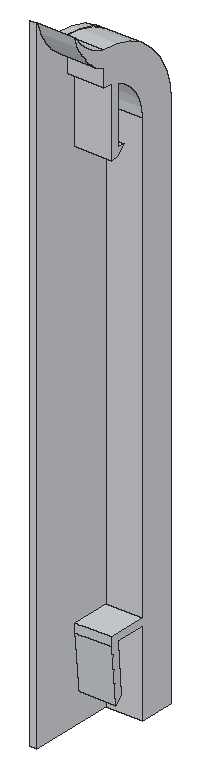
Revit family "HansWeitzel_163", category Allgemeines Modell, Revit 2017
Family settings
  Basisbauteil = Wand
  Kann Basisbauteil für Bewehrung sein = Nein
  Bemaßung runder Anschluss = Durchmesser verwenden
  Teiletyp = Normal
  Immer vertikal = Ja
  Beim Laden mit Abzugskörper schneiden = Nein
  Gemeinsam genutzt = Nein
  Raumberechnungspunkt = Nein
Parameters
  max. Betriebstemperatur (°C) = 90
  Werkstoff = "Polystyrol"
  Wandmontage möglich = yes
  Typname = "HZ-Stoßverbinder BLF Eiche hell"
  Tiefe (mm) = 30
  Profilart = "Anschlussprofi"
  Menge pro Verpackungseinheit = 10
  Ist Zubehör = no
  Ist System = no
  Höhe [mm] = 93
  Hersteller = "Hans Weitzel GmbH & Co. KG"
  HeinzeBIM = "https://www.heinze.de/bim/hz-stossverbinder-blf-eiche-hell/b9d383116a05324bfe8dc2ba0f45e43e46aaf621"
  HAN = "163"
  Gewicht unverpackt (netto) [kg] = 0.008
  GTIN = "4022023201918"
  Farbton = "Holzart/Holzdekor"
  Dekor = "Eiche hell"
  Breite [mm] = 40
  Beschreibung = "HZ-Stoßverbinder BLF Eiche hell Formteil an Sollbruchstelle einkürzen"
  BIMSITE_PRODUCT_ID = "b9d383116a05324bfe8dc2ba0f45e43e46aaf621"
  BIM = "https://media.live.bim.site/t/eyJhbGciOiJIUzI1NiIsInR5cCI6IkpXVCJ9.eyJjdCI6MSwidGYiOiJwdWJsaWMvaGFucy13ZWl0emVsLWdtYmgtY28ta2cvMjI1MGEyZS9IWl9CTEZfU3Rvc3N2ZXJiaW5kZXJfQmxpbmRsLnJmYSIsImNpZCI6ImZlZDk4ZTlhLTFiZDgtNGM2OC1hNzNiLTc0YTk0ZTMxNTgyMyIsInJpZCI6ImEzOWU1N2QwODM3NzZlMjIxODAyM2Y5ZmUwYzUyYjAyIiwicGlkIjoiYjlkMzgzMTE2YTA1MzI0YmZlOGRjMmJhMGY0NWU0M2U0NmFhZjYyMSIsInNpZCI6IjYzNTU4IiwidXQiOjUsImxjIjoiZGUiLCJpYXQiOjE1ODAyMDY2NzcsImlzcyI6Imh0dHBzOi8vYXBpLmxpdmUuYmltLnNpdGUiLCJzdWIiOiJmNTg2YzRiNi1hNTA4LTQyN2EtOTgxOC0xMzE3OTY2NTc2YmMifQ.A9jkSftxu3MMUGzjah_gxnRnpgfopxX67E_mOFwKW4Y/HZ_BLF_Stossverbinder_Blindl.rfa"
Reference planes
  plane 1: y = 0
  plane 2 "Center (Left/Right)": x = 0
  plane 3 "Wall Edge": y = 76.2
Text (mm)
  text "Placement Side" at (0, 1019.848, 3124.603), in view "Right"
  text "Placement Side" at (-1787.662, 723.012, 0), in view "Ref. Level"
  text "Placement Side" at (0, 2073.289, 3571.227), in view "Left"
Dimensions and locks
  locked: plane 3 "Wall Edge" to host wall
  aligned and locked: plane 3 "Wall Edge" to nested 1
Nested families
  nested 1: "HZ_BLF_Stossverbinder_Blindl" at (1, 76.2, 0), type "HZ_BLF_Stossverbinder_Blindl"
Definition of nested family "HZ_BLF_Stossverbinder_Blindl"
  Reference planes
    plane 1 "Center (Front/Back)": y = 0
    plane 2: z = 0
    plane 3 "Center (Left/Right)": x = 0
  Forms (mm)
    Extrusion 1, solid
      sketch origin (0, 0, 0) x (0, 1, 0) y (0, 0, 1)
        loop
          arc (16, 72) -> (12.727, 79.83) -> (4.854, 82.999) r 11
          arc (4.854, 82.999) -> (2.091, 84.316) -> (0, 86.553) r 8.222
          arc (0, 86.553) -> (1.757, 83.087) -> (4.851, 80.736) r 8.67
          line (4.851, 80.736) -> (4.851, 78.472)
          arc (4.851, 78.472) -> (5.499, 78.442) -> (6.14, 78.346) r 6.5
          line (6.14, 78.346) -> (6.14, 69.232) -> (7.064, 69.232) -> (8.141, 70.371) -> (7.148, 70.371) -> (7.148, 78.059)
          arc (7.148, 78.059) -> (10.208, 75.675) -> (11.366, 71.972) r 6.5
          line (11.366, 71.972) -> (11.366, 12.318) -> (6.13, 12.318) -> (6.13, 11.14) -> (6.85, 3.802) -> (7.723, 4.72) -> (7.157, 11.4) -> (11.366, 11.4) -> (11.366, 0) -> (16, 0) -> (16, 72)
      from 0 to 5
    Extrusion 2, solid
      sketch origin (-1, 0, 0) x (0, 1, 0) y (0, 0, 1)
        loop
          line (16, 0) -> (16, 72)
          arc (16, 72) -> (12.727, 79.83) -> (4.854, 82.999) r 11
          arc (4.854, 82.999) -> (2.091, 84.316) -> (0, 86.553) r 8.222
          line (0, 86.553) -> (0, 0) -> (16, 0)
      from 0 to 1
  Dimensions and locks
    aligned and locked: plane 2 to level
